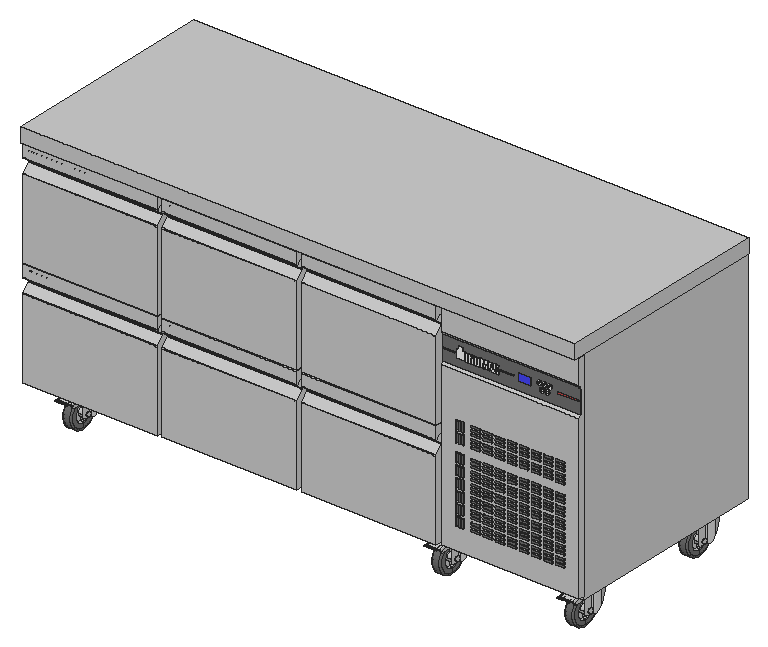
Revit family "QF_INOMAK_PNRP999_250513020157", category Specialty Equipment, Revit 2021 (continued)
Definition of nested family "QF_INOMAK_REF_COUNTERS_DOORS_DRAWERS_25919"
  Definition of nested family "2_Drawers_1-2"
    Forms (mm)
      Extrusion 1, solid, material <- "Finish", visible <- "2 Drawers"
        sketch origin (35, 0, 0) x (0, -1, 0) y (0, 0, 1)
          loop
            line (690, 602) -> (690, 960.365)
            arc (690, 960.365) -> (689.866, 961.037) -> (689.485, 961.607) r 1.757
            line (689.485, 961.607) -> (666.663, 984.429)
            arc (666.663, 984.429) -> (665.976, 985.458) -> (665.734, 986.672) r 3.172
            line (665.734, 986.672) -> (665.734, 1013.576)
            arc (665.734, 1013.576) -> (666.433, 1015.262) -> (668.119, 1015.961) r 2.385
            line (668.119, 1015.961) -> (680.029, 1015.961) -> (686.544, 1006.657)
            arc (686.544, 1006.657) -> (688.671, 1005.935) -> (690, 1007.747) r 1.9
            line (690, 1007.747) -> (690, 1046) -> (648, 1046) -> (648, 602) -> (690, 602)
        from 0 to -1130
      Extrusion 2, solid, visible <- "2 Drawers", detail levels coarse
        sketch origin (0, -640.463, 602) x (0, 1, 0) y (-1, 0, 0)
          loop
            line (-49.537, -35) -> (-624.537, -35) -> (-624.537, -1165) -> (-49.537, -1165) -> (-49.537, -35)
        from 0 to 444
      Extrusion 3, solid, visible <- "2 Drawers", detail levels coarse
        sketch origin (0, -700, 154) x (-1, 0, 0) y (0, 1, 0)
          loop
            line (-35, 10) -> (-1165, 10) -> (-1165, -565) -> (-35, -565) -> (-35, 10)
        from 0 to -444
      Extrusion 4, solid, material <- "Finish", visible <- "2 Drawers"
        sketch origin (35, 0, -441.333) x (0, -1, 0) y (0, 0, 1)
          loop
            line (690, 595.333) -> (690, 953.698)
            arc (690, 953.698) -> (689.866, 954.37) -> (689.485, 954.94) r 1.757
            line (689.485, 954.94) -> (666.663, 977.763)
            arc (666.663, 977.763) -> (665.976, 978.792) -> (665.734, 980.006) r 3.172
            line (665.734, 980.006) -> (665.734, 1006.909)
            arc (665.734, 1006.909) -> (666.433, 1008.596) -> (668.119, 1009.294) r 2.385
            line (668.119, 1009.294) -> (680.029, 1009.294) -> (686.544, 999.991)
            arc (686.544, 999.991) -> (688.671, 999.268) -> (690, 1001.08) r 1.9
            line (690, 1001.08) -> (690, 1039.333) -> (648, 1039.333) -> (648, 595.333) -> (690, 595.333)
        from 0 to -1130
    Lines and regions (mm)
      symbolic lines, visible <- "2 Drawers"
        curve 1: line (35, -940, 900) -> (35, -980, 900)
        curve 2: line (35, -980, 900) -> (1165, -980, 900)
        curve 3: line (1165, -980, 900) -> (1165, -940, 900)
        curve 4: line (1165, -940, 900) -> (35, -940, 900)
        curve 5: line (1135, -940, 900) -> (1135, -700, 900)
        curve 6: line (65, -940, 900) -> (65, -700, 900)
        curve 7: line (35, -1225, 900) -> (35, -1265, 900)
        curve 8: line (35, -1265, 900) -> (1165, -1265, 900)
        curve 9: line (1165, -1265, 900) -> (1165, -1225, 900)
        curve 10: line (1165, -1225, 900) -> (35, -1225, 900)
        curve 11: line (1135, -1225, 900) -> (1135, -980, 900)
        curve 12: line (65, -1225, 900) -> (65, -980, 900)
    Dimensions and locks
      "Length Actual": plane 3 "Left" to plane 4 "Right"
      "Depth Actual": plane 5 "Front" to plane 1 "Back"
      "Height Actual": plane 6 "Top" to plane 8 "Legs top"
      "Front inset": plane 7 "Front legs" to plane 5 "Front"
      "Plinth height": plane 8 "Legs top" to plane 2
      "Rear inset": plane 9 "Backsplash thickness" to plane 1 "Back"
      "Right panel thickness": plane 11 "Right panel" to plane 4 "Right"
      "Left panel thickness": plane 3 "Left" to plane 10 "Left panel"
      "Top inset": plane 6 "Top" to plane 13
      "Bottom inset": plane 16 to plane 8 "Legs top"
      equal spacing: plane 16, plane 12, plane 13
      locked: plane 14 to plane 12 at 2
      locked: plane 15 to plane 12 at 2
      aligned and locked: level to plane 2
      aligned and locked: Extrusion 1 to plane 11 "Right panel"
      aligned and locked: plane 10 "Left panel" to curve 1
      aligned and locked: plane 10 "Left panel" to curve 7
      aligned and locked: Extrusion 2 sketch curve to plane 10 "Left panel"
      aligned and locked: plane 11 "Right panel" to Extrusion 2 sketch curve
      aligned and locked: Extrusion 3 sketch curve to plane 10 "Left panel"
      aligned and locked: plane 11 "Right panel" to Extrusion 3 sketch curve
      aligned and locked: Extrusion 2 to plane 13
      aligned and locked: Extrusion 4 to plane 11 "Right panel"
      aligned and locked: Extrusion 3 to plane 15
      aligned and locked: Extrusion 1 sketch curve to plane 13
      aligned and locked: Extrusion 1 sketch curve to plane 7 "Front legs"
      aligned and locked: plane 14 to Extrusion 1 sketch curve
      aligned and locked: Extrusion 4 sketch curve to plane 15
      aligned and locked: Extrusion 4 sketch curve to plane 7 "Front legs"
      aligned and locked: Extrusion 4 sketch curve to plane 16
    Automatic sketch dimensions
      Extrusion 2 sketch curve to plane 7 "Front legs" = 0 mm
      Extrusion 2 sketch curve to plane 5 "Front" = 565 mm
      Extrusion 3 sketch curve to plane 7 "Front legs" = 0 mm
      Extrusion 3 sketch curve to plane 5 "Front" = 565 mm
      curve 9 to plane 11 "Right panel" = 0 mm
      curve 2 to plane 11 "Right panel" = 0 mm
      curve 5 to plane 5 "Front" = 0 mm
      curve 6 to plane 5 "Front" = 0 mm
      curve 1 to plane 5 "Front" = 240 mm
      curve 3 to curve 3 = 40 mm
      curve 7 to curve 1 = 245 mm
      curve 8 to curve 9 = 40 mm
      plane 11 "Right panel" to curve 5 = 30 mm
      curve 2 to curve 11 = 30 mm
      curve 6 to plane 10 "Left panel" = 30 mm
      curve 12 to plane 10 "Left panel" = 30 mm
      Extrusion 1 sketch curve to Extrusion 1 sketch curve = 17.734 mm
      Extrusion 1 sketch curve to Extrusion 1 sketch curve = 0.929 mm
      Extrusion 1 sketch curve to Extrusion 1 sketch curve = 2.385 mm
      Extrusion 1 sketch curve to Extrusion 1 sketch curve = 3.172 mm
      Extrusion 1 sketch curve to Extrusion 1 sketch curve = 11.91 mm
      Extrusion 1 sketch curve to Extrusion 1 sketch curve = 6.515 mm
      Extrusion 1 sketch curve to Extrusion 1 sketch curve = 1.556 mm
      Extrusion 1 sketch curve to Extrusion 1 sketch curve = 21.58 mm
      Extrusion 1 sketch curve to Extrusion 1 sketch curve = 1.242 mm
      Extrusion 1 sketch curve to Extrusion 1 sketch curve = 1.9 mm
      Extrusion 1 sketch curve to Extrusion 1 sketch curve = 0.515 mm
      Extrusion 1 sketch curve to Extrusion 1 sketch curve = 22.822 mm
      Extrusion 1 sketch curve to Extrusion 1 sketch curve = 19.985 mm
      Extrusion 1 sketch curve to Extrusion 1 sketch curve = 6.919 mm
      Extrusion 1 sketch curve to Extrusion 1 sketch curve = 30.039 mm
      Extrusion 4 sketch curve to plane 7 "Front legs" = 0 mm
      plane 7 "Front legs" to Extrusion 4 sketch curve = 0.515 mm
      plane 7 "Front legs" to Extrusion 4 sketch curve = 1.757 mm
      plane 7 "Front legs" to Extrusion 4 sketch curve = 1.9 mm
      Extrusion 4 sketch curve to Extrusion 4 sketch curve = 1.556 mm
      plane 7 "Front legs" to Extrusion 4 sketch curve = 9.971 mm
      plane 7 "Front legs" to Extrusion 4 sketch curve = 21.094 mm
      Extrusion 4 sketch curve to Extrusion 4 sketch curve = 11.91 mm
      Extrusion 4 sketch curve to Extrusion 4 sketch curve = 2.243 mm
      Extrusion 4 sketch curve to Extrusion 4 sketch curve = 2.385 mm
      Extrusion 4 sketch curve to Extrusion 4 sketch curve = 20.119 mm
      Extrusion 4 sketch curve to Extrusion 4 sketch curve = 22.822 mm
      Extrusion 4 sketch curve to Extrusion 4 sketch curve = 19.985 mm
      Extrusion 4 sketch curve to Extrusion 4 sketch curve = 6.919 mm
      Extrusion 4 sketch curve to Extrusion 4 sketch curve = 30.039 mm
  Definition of nested family "2_Drawers_1-3_2-3"
    Parameters (values of type "2 Drawers 1-3 and 2-3")
      URL = "www.specifiglobal.com"
      Top inset [instance] = 4 mm
      Right panel thickness [instance] = 35 mm
      Rear inset [instance] = 10 mm
      Plinth height [instance] = 150 mm
      Model = ""
      Manufacturer = "DEMO CONSULTANT"
      Length Actual [instance] = 1200 mm
      Left panel thickness [instance] = 35 mm
      Height Actual [instance] = 900 mm
      Front inset [instance] = 10 mm
      Finish = none
      Doors drawers type [instance] = 5
      Description = ""
      Depth Actual [instance] = 700 mm
      Default Elevation = 0 mm
      Bottom inset [instance] = 4 mm
      Assembly Code = "E1090320"
      2 Drawers 1-3 and 2-3 [instance] = Doors drawers type = 5  # yes
    Reference planes
      plane 1 "Back": y = 0
      plane 2: z = 0
      plane 3 "Left": x = 0
      plane 4 "Right": x = 1200
      plane 5 "Front": y = -700
      plane 6 "Top": z = 1050
      plane 7 "Front legs": y = -690
      plane 8 "Legs top": z = 150
      plane 9 "Backsplash thickness": y = -10
      plane 10 "Left panel": x = 35
      plane 11 "Right panel": x = 1165
      plane 12: z = 1046
      plane 13: z = 751.833
      plane 14: z = 746.833
      plane 15: z = 154
      plane 16: z = 450.667
      plane 17: z = 152
      plane 18: z = 1048
      plane 19: z = 749.333
    Forms (mm)
      Extrusion 1, solid, material <- "Finish", visible <- "2 Drawers 1-3 and 2-3"
        sketch origin (35, 0, 0) x (0, -1, 0) y (0, 0, 1)
          loop
            line (690, 751.833) -> (690, 960.365)
            arc (690, 960.365) -> (689.866, 961.037) -> (689.485, 961.607) r 1.757
            line (689.485, 961.607) -> (666.663, 984.429)
            arc (666.663, 984.429) -> (665.976, 985.458) -> (665.734, 986.672) r 3.172
            line (665.734, 986.672) -> (665.734, 1013.576)
            arc (665.734, 1013.576) -> (666.433, 1015.262) -> (668.119, 1015.961) r 2.385
            line (668.119, 1015.961) -> (680.029, 1015.961) -> (686.544, 1006.657)
            arc (686.544, 1006.657) -> (688.671, 1005.935) -> (690, 1007.747) r 1.9
            line (690, 1007.747) -> (690, 1046) -> (648, 1046) -> (648, 751.833) -> (690, 751.833)
        from 0 to -1130
      Extrusion 2, solid, visible <- "2 Drawers 1-3 and 2-3", detail levels coarse
        sketch origin (0, -640.463, 751.833) x (0, 1, 0) y (-1, 0, 0)
          loop
            line (-49.537, -35) -> (-624.537, -35) -> (-624.537, -1165) -> (-49.537, -1165) -> (-49.537, -35)
        from 0 to 294.167
      Extrusion 3, solid, visible <- "2 Drawers 1-3 and 2-3", detail levels coarse
        sketch origin (0, -700, 154) x (-1, 0, 0) y (0, 1, 0)
          loop
            line (-35, 10) -> (-1165, 10) -> (-1165, -565) -> (-35, -565) -> (-35, 10)
        from 0 to -592.833
      Extrusion 4, solid, material <- "Finish", visible <- "2 Drawers 1-3 and 2-3"
        sketch origin (35, 0, -441.333) x (0, -1, 0) y (0, 0, 1)
          loop
            line (690, 595.333) -> (690, 1101.698)
            arc (690, 1101.698) -> (689.866, 1102.37) -> (689.485, 1102.94) r 1.757
            line (689.485, 1102.94) -> (666.663, 1126.596)
            arc (666.663, 1126.596) -> (665.976, 1127.625) -> (665.734, 1128.839) r 3.172
            line (665.734, 1128.839) -> (665.734, 1155.743)
            arc (665.734, 1155.743) -> (666.433, 1157.429) -> (668.119, 1158.128) r 2.385
            line (668.119, 1158.128) -> (680.029, 1158.128) -> (686.544, 1148.824)
            arc (686.544, 1148.824) -> (688.671, 1148.102) -> (690, 1149.914) r 1.9
            line (690, 1149.914) -> (690, 1188.167) -> (648, 1188.167) -> (648, 595.333) -> (690, 595.333)
        from 0 to -1130
    Lines and regions (mm)
      symbolic lines, visible <- "2 Drawers 1-3 and 2-3"
        curve 1: line (35, -1000, 900) -> (35, -1040, 900)
        curve 2: line (35, -1040, 900) -> (1165, -1040, 900)
        curve 3: line (1165, -1040, 900) -> (1165, -1000, 900)
        curve 4: line (1165, -1000, 900) -> (35, -1000, 900)
        curve 5: line (1135, -1000, 900) -> (1135, -700, 900)
        curve 6: line (65, -1000, 900) -> (65, -700, 900)
        curve 7: line (35, -1225, 900) -> (35, -1265, 900)
        curve 8: line (35, -1265, 900) -> (1165, -1265, 900)
        curve 9: line (1165, -1265, 900) -> (1165, -1225, 900)
        curve 10: line (1165, -1225, 900) -> (35, -1225, 900)
        curve 11: line (1135, -1225, 900) -> (1135, -1040, 900)
        curve 12: line (65, -1225, 900) -> (65, -1040, 900)
    Dimensions and locks
      "Length Actual": plane 3 "Left" to plane 4 "Right"
      "Depth Actual": plane 5 "Front" to plane 1 "Back"
      "Height Actual": plane 6 "Top" to plane 8 "Legs top"
      "Front inset": plane 7 "Front legs" to plane 5 "Front"
      "Plinth height": plane 8 "Legs top" to plane 2
      "Rear inset": plane 9 "Backsplash thickness" to plane 1 "Back"
      "Right panel thickness": plane 11 "Right panel" to plane 4 "Right"
      "Left panel thickness": plane 3 "Left" to plane 10 "Left panel"
      "Top inset": plane 6 "Top" to plane 12
      locked: plane 13 to plane 14 at 5
      "Bottom inset": plane 15 to plane 8 "Legs top"
      equal spacing: plane 17, plane 16, plane 19, plane 18
      equal spacing: plane 12, plane 18, plane 6 "Top"
      equal spacing: plane 14, plane 19, plane 13
      equal spacing: plane 15, plane 17, plane 8 "Legs top"
      aligned and locked: level to plane 2
      aligned and locked: Extrusion 1 to plane 11 "Right panel"
      aligned and locked: plane 10 "Left panel" to curve 1
      aligned and locked: plane 10 "Left panel" to curve 7
      aligned and locked: Extrusion 2 sketch curve to plane 10 "Left panel"
      aligned and locked: plane 11 "Right panel" to Extrusion 2 sketch curve
      aligned and locked: Extrusion 3 sketch curve to plane 10 "Left panel"
      aligned and locked: plane 11 "Right panel" to Extrusion 3 sketch curve
      aligned and locked: Extrusion 2 to plane 12
      aligned and locked: Extrusion 4 to plane 11 "Right panel"
      aligned and locked: Extrusion 3 to plane 14
      aligned and locked: plane 13 to Extrusion 1 sketch curve
      aligned and locked: Extrusion 2 to Extrusion 1 sketch curve
      aligned and locked: Extrusion 3 to Extrusion 4 sketch curve
      aligned and locked: Extrusion 4 sketch curve to Extrusion 3  (x2)
      aligned and locked: Extrusion 1 sketch curve to plane 7 "Front legs"
    Automatic sketch dimensions
      Extrusion 2 sketch curve to plane 7 "Front legs" = 0 mm
      Extrusion 2 sketch curve to plane 5 "Front" = 565 mm
      Extrusion 3 sketch curve to plane 7 "Front legs" = 0 mm
      Extrusion 3 sketch curve to plane 5 "Front" = 565 mm
      curve 9 to plane 11 "Right panel" = 0 mm
      curve 2 to plane 11 "Right panel" = 0 mm
      curve 5 to plane 5 "Front" = 0 mm
      curve 6 to plane 5 "Front" = 0 mm
      curve 1 to plane 5 "Front" = 300 mm
      curve 3 to curve 3 = 40 mm
      curve 7 to curve 1 = 185 mm
      curve 8 to curve 9 = 40 mm
      plane 11 "Right panel" to curve 5 = 30 mm
      curve 11 to curve 5 = 0 mm
      curve 6 to plane 10 "Left panel" = 30 mm
      curve 12 to curve 6 = 0 mm
      Extrusion 1 sketch curve to plane 7 "Front legs" = 0 mm
      plane 7 "Front legs" to Extrusion 1 sketch curve = 0.515 mm
      plane 7 "Front legs" to Extrusion 1 sketch curve = 1.757 mm
      plane 7 "Front legs" to Extrusion 1 sketch curve = 1.9 mm
      Extrusion 1 sketch curve to Extrusion 1 sketch curve = 1.556 mm
      plane 7 "Front legs" to Extrusion 1 sketch curve = 9.971 mm
      plane 7 "Front legs" to Extrusion 1 sketch curve = 21.094 mm
      Extrusion 1 sketch curve to Extrusion 1 sketch curve = 11.91 mm
      Extrusion 1 sketch curve to Extrusion 1 sketch curve = 2.243 mm
      Extrusion 1 sketch curve to Extrusion 1 sketch curve = 2.385 mm
      Extrusion 1 sketch curve to Extrusion 1 sketch curve = 20.119 mm
      plane 12 to Extrusion 1 sketch curve = 85.635 mm
      Extrusion 1 sketch curve to Extrusion 1 sketch curve = 22.822 mm
      Extrusion 1 sketch curve to Extrusion 1 sketch curve = 19.985 mm
      Extrusion 1 sketch curve to Extrusion 1 sketch curve = 6.919 mm
      plane 12 to Extrusion 1 sketch curve = 0 mm
      Extrusion 4 sketch curve to plane 7 "Front legs" = 0 mm
      plane 7 "Front legs" to Extrusion 4 sketch curve = 0.515 mm
      plane 7 "Front legs" to Extrusion 4 sketch curve = 1.9 mm
      Extrusion 4 sketch curve to Extrusion 4 sketch curve = 1.556 mm
      plane 7 "Front legs" to Extrusion 4 sketch curve = 9.971 mm
      plane 7 "Front legs" to Extrusion 4 sketch curve = 21.094 mm
      Extrusion 4 sketch curve to Extrusion 4 sketch curve = 11.91 mm
      Extrusion 4 sketch curve to Extrusion 4 sketch curve = 2.243 mm
      Extrusion 4 sketch curve to Extrusion 4 sketch curve = 2.385 mm
      Extrusion 4 sketch curve to Extrusion 4 sketch curve = 20.119 mm
      Extrusion 4 sketch curve to Extrusion 4 sketch curve = 86.469 mm
      Extrusion 4 sketch curve to Extrusion 4 sketch curve = 23.656 mm
      Extrusion 4 sketch curve to Extrusion 4 sketch curve = 19.985 mm
      Extrusion 4 sketch curve to Extrusion 4 sketch curve = 6.919 mm
      plane 7 "Front legs" to Extrusion 4 sketch curve = 1.757 mm
  Definition of nested family "Sliding_Doors"
    Parameters (values of type "Sliding doors")
      URL = "www.specifiglobal.com"
      Top inset [instance] = 4 mm
      Sliding doors [instance] = Doors drawers type = 2  # yes
      Right panel thickness [instance] = 35 mm
      Rear inset [instance] = 10 mm
      Plinth height [instance] = 150 mm
      Model = ""
      Manufacturer = "DEMO CONSULTANT"
      Length Actual [instance] = 1200 mm
      Left panel thickness [instance] = 35 mm
      Height Actual [instance] = 900 mm
      Front inset [instance] = 10 mm
      Finish [instance] = none
      Doors drawers type [instance] = 2
      Description = ""
      Depth Actual [instance] = 700 mm
      Default Elevation = 0 mm
      Bottom inset [instance] = 4 mm
      Assembly Code = "E1090320"
    Reference planes
      plane 1 "Back": y = 0
      plane 2: z = 0
      plane 3 "Left": x = 0
      plane 4 "Right": x = 1200
      plane 5 "Front": y = -700
      plane 6 "Top": z = 1050
      plane 7 "Front legs": y = -690
      plane 8 "Legs top": z = 150
      plane 9 "Backsplash thickness": y = -10
      plane 10: x = 35
      plane 11: x = 1165
      plane 12 "Center Left-Right": x = 600
      plane 13: z = 154
      plane 14: z = 1046
    Forms (mm)
      Extrusion 1, solid, material <- "Finish", visible <- "Sliding doors"
        sketch origin (0, -690, 154) x (-1, 0, 0) y (0, 1, 0)
          loop
            line (-35, 10) -> (-35, 20) -> (-620, 20) -> (-620, 0) -> (-91.156, 0)
            arc (-91.156, 0) -> (-85.272, 0.885) -> (-79.91, 3.461) r 20
            line (-79.91, 3.461) -> (-60, 17) -> (-38, 17) -> (-38, 10)
            arc (-38, 10) -> (-40.05, 5.05) -> (-45, 3) r 7
            line (-45, 3) -> (-50.012, 3) -> (-50.012, 0) -> (-45, 0)
            arc (-45, 0) -> (-37.929, 2.929) -> (-35, 10) r 10
        from 0 to -892
      Extrusion 2, solid, material <- "Finish", visible <- "Sliding doors"
        sketch origin (0, -689, 154) x (-1, 0, 0) y (0, 1, 0)
          loop
            arc (-1065, 30) -> (-1062.071, 22.929) -> (-1055, 20) r 10
            line (-1055, 20) -> (-1049.988, 20) -> (-1049.988, 23) -> (-1055, 23)
            arc (-1055, 23) -> (-1059.95, 25.05) -> (-1062, 30) r 7
            line (-1062, 30) -> (-1062, 37) -> (-1040, 37) -> (-1020.09, 23.461)
            arc (-1020.09, 23.461) -> (-1014.728, 20.885) -> (-1008.844, 20) r 20
            line (-1008.844, 20) -> (-480, 20) -> (-480, 40) -> (-1065, 40) -> (-1065, 30)
        from 0 to -892
    Lines and regions (mm)
      symbolic lines, visible <- "Sliding doors"
        curve 1: line (1065, -649, 150) -> (480, -649, 150)
        curve 2: line (1065, -669, 150) -> (1065, -649, 150)
        curve 3: line (480, -669, 150) -> (1065, -669, 150)
        curve 4: line (480, -649, 150) -> (480, -669, 150)
        curve 5: line (620, -690, 150) -> (35, -690, 150)
        curve 6: line (620, -670, 150) -> (620, -690, 150)
        curve 7: line (35, -670, 150) -> (620, -670, 150)
        curve 8: line (35, -690, 150) -> (35, -670, 150)
    Dimensions and locks
      "Length Actual": plane 3 "Left" to plane 4 "Right"
      "Depth Actual": plane 5 "Front" to plane 1 "Back"
      "Height Actual": plane 6 "Top" to plane 8 "Legs top"
      "Front inset": plane 7 "Front legs" to plane 5 "Front"
      "Plinth height": plane 8 "Legs top" to plane 2
      "Rear inset": plane 9 "Backsplash thickness" to plane 1 "Back"
      "Right panel thickness": plane 11 to plane 4 "Right"
      "Left panel thickness": plane 3 "Left" to plane 10
      equal spacing: plane 10, plane 12 "Center Left-Right", plane 11
      "Top inset": plane 6 "Top" to plane 14
      "Bottom inset": plane 13 to plane 8 "Legs top"
      locked: plane 12 "Center Left-Right" to curve 4 at 120
      locked: plane 12 "Center Left-Right" to curve 5 at 20
      locked: plane 11 to curve 1 at 100
      aligned and locked: level to plane 2
      aligned and locked: Extrusion 1 sketch curve to plane 7 "Front legs"
      aligned and locked: Extrusion 1 sketch curve to plane 10
      aligned and locked: Extrusion 1 to plane 14
      aligned and locked: Extrusion 2 to plane 14
      aligned and locked: curve 8 to plane 10
    Automatic sketch dimensions
      Extrusion 2 sketch curve to Extrusion 2 sketch curve = 0 mm  (x2)
      plane 11 to Extrusion 2 sketch curve = 100 mm
      Extrusion 2 sketch curve to Extrusion 2 sketch curve = 3 mm
      Extrusion 2 sketch curve to Extrusion 2 sketch curve = 7 mm  (x2)
      Extrusion 2 sketch curve to Extrusion 2 sketch curve = 5.012 mm
      plane 7 "Front legs" to Extrusion 2 sketch curve = 38 mm
      Extrusion 2 sketch curve to Extrusion 2 sketch curve = 15 mm
      plane 7 "Front legs" to Extrusion 2 sketch curve = 24.461 mm
      Extrusion 2 sketch curve to Extrusion 2 sketch curve = 19.91 mm
      Extrusion 2 sketch curve to Extrusion 2 sketch curve = 11.246 mm
      Extrusion 2 sketch curve to plane 12 "Center Left-Right" = 120 mm
      Extrusion 2 sketch curve to Extrusion 2 sketch curve = 16.539 mm
      Extrusion 2 sketch curve to Extrusion 2 sketch curve = 20 mm
      Extrusion 1 sketch curve to Extrusion 1 sketch curve = 0 mm  (x2)
      Extrusion 1 sketch curve to plane 7 "Front legs" = 0 mm
      Extrusion 1 sketch curve to plane 10 = 3 mm
      Extrusion 1 sketch curve to Extrusion 1 sketch curve = 7 mm
      Extrusion 1 sketch curve to Extrusion 1 sketch curve = 5.012 mm
      Extrusion 1 sketch curve to Extrusion 1 sketch curve = 15 mm
      plane 7 "Front legs" to Extrusion 1 sketch curve = 3.461 mm
      Extrusion 1 sketch curve to Extrusion 1 sketch curve = 19.91 mm
      Extrusion 1 sketch curve to Extrusion 1 sketch curve = 11.246 mm
      plane 12 "Center Left-Right" to Extrusion 1 sketch curve = 20 mm
      Extrusion 1 sketch curve to Extrusion 1 sketch curve = 20 mm
      Extrusion 1 sketch curve to Extrusion 1 sketch curve = 3 mm
      curve 8 to plane 7 "Front legs" = 0 mm
      curve 5 to curve 6 = 20 mm
      plane 7 "Front legs" to curve 2 = 21 mm
      curve 2 to curve 2 = 20 mm
  Definition of nested family "4_Drawers_1-4"
    Parameters (values of type "4 Drawers 1-4")
      URL = "www.specifiglobal.com"
      Top inset [instance] = 4 mm
      Right panel thickness [instance] = 35 mm
      Rear inset [instance] = 10 mm
      Plinth height [instance] = 150 mm
      Model = ""
      Manufacturer = "DEMO CONSULTANT"
      Length Actual [instance] = 1200 mm
      Left panel thickness [instance] = 35 mm
      Height Actual [instance] = 900 mm
      Front inset [instance] = 10 mm
      Finish [instance] = none
      Doors drawers type [instance] = 7
      Description = ""
      Depth Actual [instance] = 700 mm
      Default Elevation = 0 mm
      Bottom inset [instance] = 4 mm
      Assembly Code = "E1090320"
      4 Drawers [instance] = Doors drawers type = 7  # yes
    Reference planes
      plane 1 "Back": y = 0
      plane 2: z = 0
      plane 3 "Left": x = 0
      plane 4 "Right": x = 1200
      plane 5 "Front": y = -700
      plane 6 "Top": z = 1050
      plane 7 "Front legs": y = -690
      plane 8 "Legs top": z = 150
      plane 9 "Backsplash thickness": y = -10
      plane 10 "Left panel": x = 35
      plane 11 "Right panel": x = 1165
      plane 12: z = 824.25
      plane 13: z = 1046
      plane 14: z = 826.083
      plane 15: z = 822.417
      plane 16: z = 1048.5
      plane 17: z = 375.75
      plane 18: z = 377.917
      plane 19: z = 373.583
      plane 20: z = 154
      plane 21: z = 151.5
      plane 22: z = 600
      plane 23: z = 601.833
      plane 24: z = 598.167
    Forms (mm)
      Extrusion 1, solid, material <- "Finish", visible <- "4 Drawers"
        sketch origin (35, 0, -1) x (0, -1, 0) y (0, 0, 1)
          loop
            line (680, 1047) -> (670, 1047) -> (670, 827.083) -> (690, 827.083) -> (690, 990.844)
            arc (690, 990.844) -> (689.115, 996.728) -> (686.539, 1002.09) r 20
            line (686.539, 1002.09) -> (673, 1022) -> (673, 1044) -> (680, 1044)
            arc (680, 1044) -> (684.95, 1041.95) -> (687, 1037) r 7
            line (687, 1037) -> (687, 1031.988) -> (690, 1031.988) -> (690, 1037)
            arc (690, 1037) -> (687.071, 1044.071) -> (680, 1047) r 10
        from 0 to -1130
      Extrusion 2, solid, visible <- "4 Drawers", detail levels coarse
        sketch origin (0, -640.463, 826.083) x (0, 1, 0) y (-1, 0, 0)
          loop
            line (-49.537, -35) -> (-624.537, -35) -> (-624.537, -1165) -> (-49.537, -1165) -> (-49.537, -35)
        from 0 to 219.917
      Extrusion 3, solid, visible <- "4 Drawers", detail levels coarse
        sketch origin (0, -700, 154) x (-1, 0, 0) y (0, 1, 0)
          loop
            line (-35, 10) -> (-1165, 10) -> (-1165, -565) -> (-35, -565) -> (-35, 10)
        from 0 to -219.583
      Extrusion 4, solid, material <- "Finish", visible <- "4 Drawers"
        sketch origin (35, 0, -440.333) x (0, -1, 0) y (0, 0, 1)
          loop
            line (680, 813.917) -> (670, 813.917) -> (670, 594.333) -> (690, 594.333) -> (690, 757.761)
            arc (690, 757.761) -> (689.115, 763.644) -> (686.539, 769.007) r 20
            line (686.539, 769.007) -> (673, 788.917) -> (673, 810.917) -> (680, 810.917)
            arc (680, 810.917) -> (684.95, 808.866) -> (687, 803.917) r 7
            line (687, 803.917) -> (687, 798.904) -> (690, 798.904) -> (690, 803.917)
            arc (690, 803.917) -> (687.071, 810.988) -> (680, 813.917) r 10
        from 0 to -1130
      Extrusion 5, solid, material <- "Finish", visible <- "4 Drawers"
        sketch origin (35, 0, -165.333) x (0, -1, 0) y (0, 0, 1)
          loop
            line (680, 987.75) -> (670, 987.75) -> (670, 767.167) -> (690, 767.167) -> (690, 931.594)
            arc (690, 931.594) -> (689.115, 937.478) -> (686.539, 942.84) r 20
            line (686.539, 942.84) -> (673, 962.75) -> (673, 984.75) -> (680, 984.75)
            arc (680, 984.75) -> (684.95, 982.7) -> (687, 977.75) r 7
            line (687, 977.75) -> (687, 972.738) -> (690, 972.738) -> (690, 977.75)
            arc (690, 977.75) -> (687.071, 984.821) -> (680, 987.75) r 10
        from 0 to -1130
      Extrusion 6, solid, material <- "Finish", visible <- "4 Drawers"
        sketch origin (35, 0, -330.333) x (0, -1, 0) y (0, 0, 1)
          loop
            line (680, 928.5) -> (670, 928.5) -> (670, 708.25) -> (690, 708.25) -> (690, 872.344)
            arc (690, 872.344) -> (689.115, 878.228) -> (686.539, 883.59) r 20
            line (686.539, 883.59) -> (673, 903.5) -> (673, 925.5) -> (680, 925.5)
            arc (680, 925.5) -> (684.95, 923.45) -> (687, 918.5) r 7
            line (687, 918.5) -> (687, 913.488) -> (690, 913.488) -> (690, 918.5)
            arc (690, 918.5) -> (687.071, 925.571) -> (680, 928.5) r 10
        from 0 to -1130
      Extrusion 7, solid, visible <- "4 Drawers", detail levels coarse
        sketch origin (0, -500.463, 601.833) x (0, 1, 0) y (-1, 0, 0)
          loop
            line (-189.537, -35) -> (-764.537, -35) -> (-764.537, -1165) -> (-189.537, -1165) -> (-189.537, -35)
        from 0 to 220.583
      Extrusion 8, solid, visible <- "4 Drawers", detail levels coarse
        sketch origin (0, -540.463, 377.917) x (0, 1, 0) y (-1, 0, 0)
          loop
            line (-149.537, -35) -> (-724.537, -35) -> (-724.537, -1165) -> (-149.537, -1165) -> (-149.537, -35)
        from 0 to 220.25
    Lines and regions (mm)
      symbolic lines, visible <- "4 Drawers"
        curve 1: line (35, -945, 900) -> (35, -985, 900)
        curve 2: line (35, -985, 900) -> (1165, -985, 900)
        curve 3: line (1165, -985, 900) -> (1165, -945, 900)
        curve 4: line (1165, -945, 900) -> (35, -945, 900)
        curve 5: line (1135, -945, 900) -> (1135, -845, 900)
        curve 6: line (65, -945, 900) -> (65, -845, 900)
        curve 7: line (35, -1085, 900) -> (35, -1125, 900)
        curve 8: line (35, -1125, 900) -> (1165, -1125, 900)
        curve 9: line (1165, -1125, 900) -> (1165, -1085, 900)
        curve 10: line (1165, -1085, 900) -> (35, -1085, 900)
        curve 11: line (1135, -1085, 900) -> (1135, -985, 900)
        curve 12: line (65, -1085, 900) -> (65, -985, 900)
        curve 13: line (35, -1225, 900) -> (35, -1265, 900)
        curve 14: line (35, -1265, 900) -> (1165, -1265, 900)
        curve 15: line (1165, -1265, 900) -> (1165, -1225, 900)
        curve 16: line (1165, -1225, 900) -> (35, -1225, 900)
        curve 17: line (1135, -1225, 900) -> (1135, -1125, 900)
        curve 18: line (65, -1225, 900) -> (65, -1125, 900)
        curve 19: line (35, -805, 900) -> (35, -845, 900)
        curve 20: line (35, -845, 900) -> (1165, -845, 900)
        curve 21: line (1165, -845, 900) -> (1165, -805, 900)
        curve 22: line (1165, -805, 900) -> (35, -805, 900)
        curve 23: line (65, -805, 900) -> (65, -700, 900)
        curve 24: line (1135, -805, 900) -> (1135, -700, 900)
    Dimensions and locks
      "Length Actual": plane 3 "Left" to plane 4 "Right"
      "Depth Actual": plane 5 "Front" to plane 1 "Back"
      "Height Actual": plane 6 "Top" to plane 8 "Legs top"
      "Front inset": plane 7 "Front legs" to plane 5 "Front"
      "Plinth height": plane 8 "Legs top" to plane 2
      "Rear inset": plane 9 "Backsplash thickness" to plane 1 "Back"
      "Right panel thickness": plane 11 "Right panel" to plane 4 "Right"
      "Left panel thickness": plane 3 "Left" to plane 10 "Left panel"
      locked: plane 14 to plane 15 at 3.667
      equal spacing: plane 14, plane 12, plane 15
      locked: plane 23 to plane 24 at 3.667
      equal spacing: plane 23, plane 22, plane 24
      "Bottom inset": plane 20 to plane 8 "Legs top"
      equal spacing: plane 19, plane 17, plane 18
      locked: plane 19 to plane 18 at 4.333
      equal spacing: plane 21, plane 17, plane 22, plane 12, plane 16
      locked: plane 13 to plane 16 at 2.5
      "Top inset": plane 13 to plane 6 "Top"
      locked: plane 21 to plane 20 at 2.5
      aligned and locked: level to plane 2
      aligned and locked: plane 7 "Front legs" to Extrusion 1 sketch curve  (x2)
      aligned and locked: Extrusion 1 to plane 11 "Right panel"
      aligned and locked: Extrusion 1 sketch curve to plane 13
      aligned and locked: Extrusion 1 sketch curve to plane 14
      aligned and locked: plane 10 "Left panel" to curve 1
      aligned and locked: plane 10 "Left panel" to curve 7
      aligned and locked: plane 10 "Left panel" to curve 13
      aligned and locked: Extrusion 2 sketch curve to plane 10 "Left panel"
      aligned and locked: plane 11 "Right panel" to Extrusion 2 sketch curve
      aligned and locked: Extrusion 3 sketch curve to plane 10 "Left panel"
      aligned and locked: plane 11 "Right panel" to Extrusion 3 sketch curve
      aligned and locked: Extrusion 2 to plane 13
      aligned and locked: Extrusion 3 to plane 19
      aligned and locked: plane 20 to Extrusion 4 sketch curve
      aligned and locked: Extrusion 4 to plane 11 "Right panel"
      aligned and locked: Extrusion 5 sketch curve to plane 15
      aligned and locked: plane 7 "Front legs" to Extrusion 5 sketch curve
      aligned and locked: Extrusion 5 sketch curve to plane 23
      aligned and locked: Extrusion 6 sketch curve to plane 24
      aligned and locked: plane 7 "Front legs" to Extrusion 6 sketch curve
      aligned and locked: Extrusion 6 sketch curve to plane 18
      aligned and locked: Extrusion 7 to plane 15
      aligned and locked: Extrusion 8 to plane 24
      aligned and locked: Extrusion 5 to plane 11 "Right panel"
      aligned and locked: Extrusion 6 to plane 11 "Right panel"
    Automatic sketch dimensions
      Extrusion 1 sketch curve to Extrusion 1 sketch curve = 0 mm  (x2)
      plane 7 "Front legs" to Extrusion 1 sketch curve = 3 mm
      plane 7 "Front legs" to Extrusion 1 sketch curve = 3.461 mm
      plane 7 "Front legs" to Extrusion 1 sketch curve = 10 mm
      Extrusion 1 sketch curve to Extrusion 1 sketch curve = 7 mm
      plane 7 "Front legs" to Extrusion 1 sketch curve = 20 mm  (x2)
      Extrusion 1 sketch curve to Extrusion 1 sketch curve = 46.156 mm
      Extrusion 1 sketch curve to Extrusion 1 sketch curve = 15 mm
      Extrusion 1 sketch curve to Extrusion 1 sketch curve = 5.012 mm
      Extrusion 2 sketch curve to plane 7 "Front legs" = 0 mm
      Extrusion 2 sketch curve to plane 5 "Front" = 565 mm
      Extrusion 3 sketch curve to plane 7 "Front legs" = 0 mm
      Extrusion 3 sketch curve to plane 5 "Front" = 565 mm
      Extrusion 5 sketch curve to Extrusion 5 sketch curve = 0 mm  (x2)
      Extrusion 5 sketch curve to plane 7 "Front legs" = 0 mm
      plane 7 "Front legs" to Extrusion 5 sketch curve = 3 mm
      plane 7 "Front legs" to Extrusion 5 sketch curve = 3.461 mm
      plane 7 "Front legs" to Extrusion 5 sketch curve = 10 mm
      Extrusion 5 sketch curve to Extrusion 5 sketch curve = 7 mm
      plane 7 "Front legs" to Extrusion 5 sketch curve = 20 mm  (x2)
      Extrusion 5 sketch curve to Extrusion 5 sketch curve = 46.156 mm
      Extrusion 5 sketch curve to Extrusion 5 sketch curve = 15 mm
      Extrusion 5 sketch curve to Extrusion 5 sketch curve = 5.012 mm
      Extrusion 6 sketch curve to Extrusion 6 sketch curve = 0 mm  (x2)
      Extrusion 6 sketch curve to plane 7 "Front legs" = 0 mm
      plane 7 "Front legs" to Extrusion 6 sketch curve = 3 mm
      plane 7 "Front legs" to Extrusion 6 sketch curve = 3.461 mm
      plane 7 "Front legs" to Extrusion 6 sketch curve = 10 mm
      Extrusion 6 sketch curve to Extrusion 6 sketch curve = 7 mm
      plane 7 "Front legs" to Extrusion 6 sketch curve = 20 mm  (x2)
      Extrusion 6 sketch curve to Extrusion 6 sketch curve = 46.156 mm
      Extrusion 6 sketch curve to Extrusion 6 sketch curve = 15 mm
      Extrusion 6 sketch curve to Extrusion 6 sketch curve = 5.012 mm
      curve 14 to plane 11 "Right panel" = 0 mm
      curve 8 to plane 11 "Right panel" = 0 mm
      curve 2 to plane 11 "Right panel" = 0 mm
      curve 21 to plane 11 "Right panel" = 0 mm
      curve 20 to plane 10 "Left panel" = 0 mm
      curve 23 to plane 5 "Front" = 0 mm
      curve 24 to plane 5 "Front" = 0 mm
      curve 21 to plane 5 "Front" = 105 mm
      curve 20 to curve 21 = 40 mm
      curve 3 to curve 20 = 100 mm
      curve 3 to curve 3 = 40 mm
      curve 10 to curve 1 = 100 mm
      curve 9 to curve 9 = 40 mm
      curve 15 to curve 8 = 100 mm
      curve 15 to curve 15 = 40 mm
      plane 11 "Right panel" to curve 24 = 30 mm
      curve 8 to curve 17 = 30 mm
      curve 11 to curve 17 = 0 mm
      curve 23 to plane 10 "Left panel" = 30 mm
      curve 12 to curve 6 = 0 mm
      curve 18 to curve 12 = 0 mm
      Extrusion 4 sketch curve to Extrusion 4 sketch curve = 0 mm  (x2)
      plane 19 to Extrusion 4 sketch curve = 0 mm
      Extrusion 4 sketch curve to plane 7 "Front legs" = 0 mm  (x2)
      plane 7 "Front legs" to Extrusion 4 sketch curve = 3 mm
      plane 7 "Front legs" to Extrusion 4 sketch curve = 3.461 mm
      plane 7 "Front legs" to Extrusion 4 sketch curve = 10 mm
      Extrusion 4 sketch curve to Extrusion 4 sketch curve = 7 mm
      plane 7 "Front legs" to Extrusion 4 sketch curve = 20 mm  (x2)
      Extrusion 4 sketch curve to Extrusion 4 sketch curve = 46.156 mm
      Extrusion 4 sketch curve to Extrusion 4 sketch curve = 15 mm
      Extrusion 4 sketch curve to Extrusion 4 sketch curve = 5.012 mm
      Extrusion 7 sketch curve to plane 10 "Left panel" = 0 mm
      Extrusion 7 sketch curve to plane 11 "Right panel" = 0 mm
      Extrusion 7 sketch curve to plane 7 "Front legs" = 0 mm
      Extrusion 7 sketch curve to plane 5 "Front" = 565 mm
      Extrusion 8 sketch curve to plane 10 "Left panel" = 0 mm
      Extrusion 8 sketch curve to plane 11 "Right panel" = 0 mm
      Extrusion 8 sketch curve to plane 7 "Front legs" = 0 mm
      Extrusion 8 sketch curve to plane 5 "Front" = 565 mm
      curve 6 to plane 10 "Left panel" = 30 mm
      curve 5 to curve 24 = 0 mm
  Definition of nested family "Hinged_Doors"
    Parameters (values of type "Hinged doors")
      URL = "www.specifiglobal.com"
      Top inset [instance] = 4 mm
      Right panel thickness [instance] = 35 mm
      Rear inset [instance] = 10 mm
      Plinth height [instance] = 150 mm
      Model = ""
      Manufacturer = "DEMO CONSULTANT"
      Length Actual [instance] = 1200 mm
      Left panel thickness [instance] = 35 mm
      Hinged doors [instance] = Doors drawers type = 3  # yes
      Height Actual [instance] = 900 mm
      Front inset [instance] = 10 mm
      Finish [instance] = none
      Doors drawers type [instance] = 3
      Description = ""
      Depth Actual [instance] = 700 mm
      Default Elevation = 0 mm
      Bottom inset [instance] = 4 mm
      Assembly Code = "E1090320"
    Reference planes
      plane 1 "Back": y = 0
      plane 2: z = 0
      plane 3 "Left": x = 0
      plane 4 "Right": x = 1200
      plane 5 "Front": y = -700
      plane 6 "Top": z = 1050
      plane 7 "Front legs": y = -690
      plane 8 "Legs top": z = 150
      plane 9 "Backsplash thickness": y = -10
      plane 10: x = 35
      plane 11: x = 1165
      plane 12 "Center Left-Right": x = 600
      plane 13: x = 597.5
      plane 14: x = 602.5
      plane 15: z = 154
      plane 16: z = 1046
    Forms (mm)
      Extrusion 1, solid, material <- "Finish", visible <- "Hinged doors"
        sketch origin (35, -2307.849, 4000) x (0, -1, 0) y (0, 0, 1)
          loop
            line (-1627.849, -2954) -> (-1637.849, -2954) -> (-1637.849, -3846) -> (-1617.849, -3846) -> (-1617.849, -3010.156)
            arc (-1617.849, -3010.156) -> (-1618.734, -3004.272) -> (-1621.31, -2998.91) r 20
            line (-1621.31, -2998.91) -> (-1634.849, -2979) -> (-1634.849, -2957) -> (-1627.849, -2957)
            arc (-1627.849, -2957) -> (-1622.899, -2959.05) -> (-1620.849, -2964) r 7
            line (-1620.849, -2964) -> (-1620.849, -2969.012) -> (-1617.849, -2969.012) -> (-1617.849, -2964)
            arc (-1617.849, -2964) -> (-1620.778, -2956.929) -> (-1627.849, -2954) r 10
        from 0 to -562.5
      Extrusion 2, solid, visible <- "Hinged doors", detail levels coarse
        sketch origin (0, -700, 154) x (-1, 0, 0) y (0, 1, 0)
          loop
            line (-35, 10) -> (-597.5, 10)
            arc (-597.5, 10) -> (-432.748, -387.748) -> (-35, -552.5) r 562.5
            line (-35, -552.5) -> (-35, 10)
        from 0 to -892
      Extrusion 3, solid, material <- "Finish", visible <- "Hinged doors"
        sketch origin (1165, -2312.576, 4000) x (0, -1, 0) y (0, 0, 1)
          loop
            line (-1632.576, -2954) -> (-1642.576, -2954) -> (-1642.576, -3846) -> (-1622.576, -3846) -> (-1622.576, -3010.156)
            arc (-1622.576, -3010.156) -> (-1623.46, -3004.272) -> (-1626.037, -2998.91) r 20
            line (-1626.037, -2998.91) -> (-1639.576, -2979) -> (-1639.576, -2957) -> (-1632.576, -2957)
            arc (-1632.576, -2957) -> (-1627.626, -2959.05) -> (-1625.576, -2964) r 7
            line (-1625.576, -2964) -> (-1625.576, -2969.012) -> (-1622.576, -2969.012) -> (-1622.576, -2964)
            arc (-1622.576, -2964) -> (-1625.504, -2956.929) -> (-1632.576, -2954) r 10
        from 0 to 562.5
      Extrusion 4, solid, visible <- "Hinged doors", detail levels coarse
        sketch origin (0, -700, 154) x (-1, 0, 0) y (0, 1, 0)
          loop
            line (-1165, 10) -> (-1165, -552.5)
            arc (-1165, -552.5) -> (-767.252, -387.748) -> (-602.5, 10) r 562.5
            line (-602.5, 10) -> (-1165, 10)
        from 0 to -892
    Lines and regions (mm)
      symbolic lines, visible <- "Hinged doors"
        curve 1: line (35, -700, 150) -> (35, -1252.5, 150)
        curve 2: arc (35, -1252.5, 150) -> (429.196, -1091.268, 150) -> (597.411, -700, 150) r 562.5
        curve 3: arc (602.589, -700, 150) -> (770.804, -1091.268, 150) -> (1165, -1252.5, 150) r 562.5
        curve 4: line (1165, -1252.5, 150) -> (1165, -700, 150)
    Dimensions and locks
      "Length Actual": plane 3 "Left" to plane 4 "Right"
      "Depth Actual": plane 5 "Front" to plane 1 "Back"
      "Height Actual": plane 6 "Top" to plane 8 "Legs top"
      "Front inset": plane 7 "Front legs" to plane 5 "Front"
      "Plinth height": plane 8 "Legs top" to plane 2
      "Rear inset": plane 9 "Backsplash thickness" to plane 1 "Back"
      "Right panel thickness": plane 11 to plane 4 "Right"
      "Left panel thickness": plane 3 "Left" to plane 10
      equal spacing: plane 10, plane 12 "Center Left-Right", plane 11
      plane 13 to plane 12 "Center Left-Right" = 2.5 mm
      plane 12 "Center Left-Right" to plane 14 = 2.5 mm
      "Bottom inset": plane 15 to plane 8 "Legs top"
      "Top inset": plane 16 to plane 6 "Top"
      aligned and locked: level to plane 2
      aligned and locked: Extrusion 1 to plane 13
      aligned and locked: plane 10 to Extrusion 2 sketch curve
      aligned and locked: plane 13 to Extrusion 2 sketch curve
      aligned and locked: plane 7 "Front legs" to Extrusion 2 sketch curve  (x2)
      aligned and locked: plane 14 to Extrusion 3
      aligned and locked: Extrusion 2 to curve 1
      aligned and locked: curve 2 to Extrusion 2
      aligned and locked: curve 3 to Extrusion 4
      aligned and locked: curve 4 to Extrusion 4
      aligned and locked: plane 5 "Front" to curve 1
      aligned and locked: plane 5 "Front" to curve 2
      aligned and locked: plane 5 "Front" to curve 3
      aligned and locked: plane 5 "Front" to curve 4
      aligned and locked: Extrusion 4 to plane 16
      aligned and locked: Extrusion 2 to plane 16
      aligned and locked: Extrusion 1 sketch curve to plane 16
      aligned and locked: Extrusion 1 sketch curve to plane 15
      aligned and locked: Extrusion 3 sketch curve to plane 15
      aligned and locked: Extrusion 3 sketch curve to plane 16
    Automatic sketch dimensions
      Extrusion 1 sketch curve to Extrusion 1 sketch curve = 0 mm  (x2)
      Extrusion 1 sketch curve to plane 7 "Front legs" = 0 mm  (x2)
      plane 7 "Front legs" to Extrusion 1 sketch curve = 3 mm
      plane 7 "Front legs" to Extrusion 1 sketch curve = 3.461 mm
      plane 7 "Front legs" to Extrusion 1 sketch curve = 10 mm
      Extrusion 1 sketch curve to Extrusion 1 sketch curve = 7 mm
      plane 7 "Front legs" to Extrusion 1 sketch curve = 20 mm  (x2)
      Extrusion 1 sketch curve to Extrusion 1 sketch curve = 46.156 mm
      Extrusion 1 sketch curve to Extrusion 1 sketch curve = 15 mm
      Extrusion 1 sketch curve to Extrusion 1 sketch curve = 5.012 mm
      Extrusion 3 sketch curve to Extrusion 3 sketch curve = 0 mm  (x2)
      Extrusion 3 sketch curve to plane 7 "Front legs" = 0 mm  (x2)
      Extrusion 3 sketch curve to Extrusion 3 sketch curve = 3 mm
      plane 7 "Front legs" to Extrusion 3 sketch curve = 3.461 mm
      plane 7 "Front legs" to Extrusion 3 sketch curve = 10 mm
      Extrusion 3 sketch curve to Extrusion 3 sketch curve = 7 mm
      Extrusion 3 sketch curve to Extrusion 3 sketch curve = 16.539 mm
      Extrusion 3 sketch curve to Extrusion 3 sketch curve = 20 mm
      Extrusion 3 sketch curve to Extrusion 3 sketch curve = 46.156 mm
      Extrusion 3 sketch curve to Extrusion 3 sketch curve = 15 mm
      Extrusion 3 sketch curve to Extrusion 3 sketch curve = 5.012 mm
      Extrusion 4 sketch curve to plane 11 = 0 mm
      Extrusion 4 sketch curve to plane 7 "Front legs" = 0 mm
      Extrusion 4 sketch curve to plane 14 = 0 mm
  Definition of nested family "Hopper"
    Parameters (values of type "Hopper")
      URL = "www.specifiglobal.com"
      Top inset [instance] = 4 mm
      Right panel thickness [instance] = 35 mm
      Rear inset [instance] = 10 mm
      Plinth height [instance] = 150 mm
      Model = ""
      Manufacturer = "DEMO CONSULTANT"
      Length Actual [instance] = 700 mm
      Left panel thickness [instance] = 35 mm
      Hopper [instance] = Doors drawers type = 10  # yes
      Height Actual [instance] = 900 mm
      Front inset [instance] = 10 mm
      Finish [instance] = none
      Doors drawers type [instance] = 10
      Description = ""
      Depth Actual [instance] = 700 mm
      Default Elevation = 0 mm
      Bottom inset [instance] = 4 mm
      Assembly Code = "E1090320"
      2 Drawers = yes
    Reference planes
      plane 1 "Back": y = 0
      plane 2: z = 0
      plane 3 "Left": x = 0
      plane 4 "Right": x = 700
      plane 5 "Front": y = -700
      plane 6 "Top": z = 1050
      plane 7 "Front legs": y = -690
      plane 8 "Legs top": z = 150
      plane 9 "Backsplash thickness": y = -10
      plane 10 "Left panel": x = 35
      plane 11 "Right panel": x = 665
      plane 12: z = 1046
      plane 13: z = 154
    Forms (mm)
      Extrusion 1, solid, material <- "Finish", visible <- "Hopper"
        sketch origin (35, 0, 0) x (0, -1, 0) y (0, 0, 1)
          loop
            line (690, 154) -> (690, 960.365)
            arc (690, 960.365) -> (689.866, 961.037) -> (689.485, 961.607) r 1.757
            line (689.485, 961.607) -> (666.663, 984.429)
            arc (666.663, 984.429) -> (665.976, 985.458) -> (665.734, 986.672) r 3.172
            line (665.734, 986.672) -> (665.734, 1013.576)
            arc (665.734, 1013.576) -> (666.433, 1015.262) -> (668.119, 1015.961) r 2.385
            line (668.119, 1015.961) -> (680.029, 1015.961) -> (686.544, 1006.657)
            arc (686.544, 1006.657) -> (688.671, 1005.935) -> (690, 1007.747) r 1.9
            line (690, 1007.747) -> (690, 1046) -> (648, 1046) -> (648, 154) -> (690, 154)
        from 0 to -630
      Extrusion 2, solid, visible <- "Hopper", detail levels coarse
        sketch origin (35, 0, 0) x (0, -1, 0) y (0, 0, 1)
          loop
            line (690, 154) -> (1265, 154) -> (1265, 1046) -> (690, 1046) -> (690, 154)
        from 0 to -630
    Lines and regions (mm)
      symbolic lines, visible <- "Hopper"
        curve 1: line (35, -1225, 900) -> (35, -1265, 900)
        curve 2: line (35, -1265, 900) -> (665, -1265, 900)
        curve 3: line (665, -1265, 900) -> (665, -1225, 900)
        curve 4: line (665, -1225, 900) -> (35, -1225, 900)
        curve 5: line (635, -1225, 900) -> (635, -700, 900)
        curve 6: line (65, -1225, 900) -> (65, -700, 900)
    Dimensions and locks
      "Length Actual": plane 3 "Left" to plane 4 "Right"
      "Depth Actual": plane 5 "Front" to plane 1 "Back"
      "Height Actual": plane 6 "Top" to plane 8 "Legs top"
      "Front inset": plane 7 "Front legs" to plane 5 "Front"
      "Plinth height": plane 8 "Legs top" to plane 2
      "Rear inset": plane 9 "Backsplash thickness" to plane 1 "Back"
      "Right panel thickness": plane 11 "Right panel" to plane 4 "Right"
      "Left panel thickness": plane 3 "Left" to plane 10 "Left panel"
      "Top inset": plane 12 to plane 6 "Top"
      "Bottom inset": plane 13 to plane 8 "Legs top"
      aligned and locked: level to plane 2
      aligned and locked: Extrusion 1 to plane 11 "Right panel"
      aligned and locked: Extrusion 2 to plane 11 "Right panel"
      aligned and locked: plane 10 "Left panel" to Extrusion 2
      aligned and locked: Extrusion 1 sketch curve to plane 12
      aligned and locked: Extrusion 1 sketch curve to Extrusion 2
      aligned and locked: Extrusion 1 sketch curve to plane 13
    Automatic sketch dimensions
      Extrusion 1 sketch curve to Extrusion 1 sketch curve = 17.734 mm
      Extrusion 1 sketch curve to Extrusion 1 sketch curve = 0.929 mm
      Extrusion 1 sketch curve to Extrusion 1 sketch curve = 2.385 mm
      Extrusion 1 sketch curve to Extrusion 1 sketch curve = 3.172 mm
      Extrusion 1 sketch curve to Extrusion 1 sketch curve = 11.91 mm
      Extrusion 1 sketch curve to Extrusion 1 sketch curve = 6.515 mm
      Extrusion 1 sketch curve to Extrusion 1 sketch curve = 1.556 mm
      Extrusion 1 sketch curve to Extrusion 1 sketch curve = 21.58 mm
      Extrusion 1 sketch curve to Extrusion 1 sketch curve = 1.242 mm
      Extrusion 1 sketch curve to Extrusion 1 sketch curve = 1.9 mm
      Extrusion 1 sketch curve to Extrusion 1 sketch curve = 0.515 mm
      Extrusion 1 sketch curve to Extrusion 1 sketch curve = 22.822 mm
      Extrusion 1 sketch curve to Extrusion 1 sketch curve = 19.985 mm
      Extrusion 1 sketch curve to Extrusion 1 sketch curve = 6.919 mm
      Extrusion 1 sketch curve to Extrusion 1 sketch curve = 30.039 mm
      Extrusion 2 sketch curve to plane 7 "Front legs" = 0 mm
      plane 13 to Extrusion 2 sketch curve = 0 mm
      plane 12 to Extrusion 2 sketch curve = 0 mm
      Extrusion 2 sketch curve to plane 5 "Front" = 565 mm
      curve 1 to plane 10 "Left panel" = 0 mm
      curve 2 to plane 11 "Right panel" = 0 mm
      curve 6 to plane 5 "Front" = 0 mm
      curve 5 to plane 5 "Front" = 0 mm
      curve 4 to plane 5 "Front" = 525 mm
      curve 3 to curve 3 = 40 mm
      plane 11 "Right panel" to curve 5 = 30 mm
      curve 6 to plane 10 "Left panel" = 30 mm
Definition of nested family "QF_INOMAK_REF_COUNTERS_WORKTOPS_35390"
  Parameters (values of type "WTWA-1545-700")
    Worktop without backsplash [instance] = Worktop type = 3  # no
    Worktop with backsplash [instance] = Worktop type = 2  # yes
    Worktop type [instance] = 2
    Worktop thickness [instance] = 46 mm
    Without worktop [instance] = or(Worktop type > 3, Worktop type < 2)  # no
    Weight [instance] = 0.00 kg
    Warranty Start Date [instance] = ""
    Warranty Duration [instance] = ""
    URL Cutsheet [instance] = ""
    URL = "www.inomak.com"
    Technical Documentation [instance] = ""
    Tag Number [instance] = ""
    Status [instance] = ""
    Specification by User [instance] = ""
    Specification by Manufacturer [instance] = ""
    Sound Level [instance] = ""
    Solid Fuel Type [instance] = ""
    Show Logo [instance] = yes
    Show Clearances [instance] = yes
    Service Life Duration [instance] = ""
    Serial Number [instance] = ""
    Seismic Rating [instance] = ""
    SMACNA No [instance] = ""
    Revision Code [instance] = ""
    Revision [instance] = ""
    Production Year [instance] = ""
    Point Load [instance] = 0
    Other Equipment Approvals [instance] = ""
    NAFEM Spec ID Number [instance] = ""
    Model Warning [instance] = ""
    Model = "WTWA"
    Masterspec [instance] = ""
    Manufacturer = "INOMAK"
    Length Actual [instance] = 1546 mm
    Item Number [instance] = ""
    Installed By [instance] = ""
    Installation Date [instance] = ""
    Identify Quantity as Lot [instance] = yes
    ID [instance] = ""
    Hygiene Approval [instance] = ""
    Height Actual [instance] = 0 mm
    Height AFF [instance] = 0 mm
    Furnished By [instance] = ""
    Foodservice Equipment Identifier [instance] = yes
    Finish [instance] = none
    ETL Approved [instance] = yes
    Description = "WORKTOP WITH UPSTAND"
    Depth Actual [instance] = 700 mm
    Default Elevation = 0 mm
    CSI MasterFormat [instance] = ""
    CE Approved [instance] = yes
    Barcode [instance] = ""
    Backsplash thickness [instance] = 20 mm
    Backsplash height [instance] = 60 mm
    Author [instance] = ""
    Asset Identifier [instance] = ""
    Assembly Code = "E1090320"
    Accessory [instance] = yes
  Types (40, lengths in mm): name | Worktop without backsplash | Worktop with backsplash | Worktop type | Worktop thickness | Without worktop | Model | Length Actual | Description | Depth Actual
    WTWT-2240-700 | yes | no | 3 | 46 | no | "WTWT" | 2242 | "STANDARD WORKTOP" | 700
    WTWA-2240-700 | no | yes | 2 | 46 | no | "WTWA" | 2242 | "WORKTOP WITH UPSTAND" | 700
    WOWT-2240-700 | no | no | 1 | 46 | yes | "WOWT" | 2242 | "WITHOUT WORKTOP" | 700
    WTWA-1790-700 | no | yes | 2 | 46 | no | "WTWA" | 1792 | "WORKTOP WITH UPSTAND" | 700
    WTWA-1345-700 | no | yes | 2 | 46 | no | "WTWA" | 1342 | "WORKTOP WITH UPSTAND" | 700
    WOWT-1790-700 | no | no | 1 | 46 | yes | "WOWT" | 1792 | "WITHOUT WORKTOP" | 700
    WOWT-1345-700 | no | no | 1 | 46 | yes | "WOWT" | 1342 | "WITHOUT WORKTOP" | 700
    WTWT-1790-700 | yes | no | 3 | 46 | no | "WTWT" | 1792 | "STANDARD WORKTOP" | 700
    WTWT-1345-700 | yes | no | 3 | 46 | no | "WTWT" | 1342 | "STANDARD WORKTOP" | 700
    WTWA-1080-700 | no | yes | 2 | 46 | no | "WTWA" | 1080 | "WORKTOP WITH UPSTAND" | 700
    WTWT-1080-700 | yes | no | 3 | 46 | no | "WTWT" | 1080 | "STANDARD WORKTOP" | 700
    WTWA-1080-700-80 | no | yes | 2 | 80 | no | "WTWA-80" | 1080 | "WORKTOP WITH UPSTAND, 80CM DEEP WORKTOP" | 700
    WTWT-1080-700-80 | yes | no | 3 | 80 | no | "WTWT-80" | 1080 | "WORKTOP WITH 80CM DEEP" | 700
    WOWT-1345-600 | no | no | 1 | 46 | yes | "WOWT" | 1342 | "WITHOUT WORKTOP" | 600
    WOWT-1790-600 | no | no | 1 | 46 | yes | "WOWT" | 1792 | "WITHOUT WORKTOP" | 600
    WOWT-2240-600 | no | no | 1 | 46 | yes | "WOWT" | 2242 | "WITHOUT WORKTOP" | 600
    WTWA-1345-600 | no | yes | 2 | 46 | no | "WTWA" | 1342 | "WORKTOP WITH UPSTAND" | 600
    WTWA-1790-600 | no | yes | 2 | 46 | no | "WTWA" | 1792 | "WORKTOP WITH UPSTAND" | 600
    WTWA-2240-600 | no | yes | 2 | 46 | no | "WTWA" | 2242 | "WORKTOP WITH UPSTAND" | 600
    WTWT-1345-600 | yes | no | 3 | 46 | no | "WTWT" | 1342 | "STANDARD WORKTOP" | 600
    WTWT-1790-600 | yes | no | 3 | 46 | no | "WTWT" | 1792 | "STANDARD WORKTOP" | 600
    WTWT-2240-600 | yes | no | 3 | 46 | no | "WTWT" | 2242 | "STANDARD WORKTOP" | 600
    WOWT-1105-700 | no | no | 1 | 46 | yes | "WOWT" | 1103 | "WITHOUT WORKTOP" | 700
    WTWA-1105-700 | no | yes | 2 | 46 | no | "WTWA" | 1103 | "WORKTOP WITH UPSTAND" | 700
    WTWT-1105-700 | yes | no | 3 | 46 | no | "WTWT" | 1103 | "STANDARD WORKTOP" | 700
    WOWT-1545-700 | no | no | 1 | 46 | yes | "WOWT" | 1546 | "WITHOUT WORKTOP" | 700
    WOWT-1995-700 | no | no | 1 | 46 | yes | "WOWT" | 1996 | "WITHOUT WORKTOP" | 700
    WTWA-1545-700 | no | yes | 2 | 46 | no | "WTWA" | 1546 | "WORKTOP WITH UPSTAND" | 700
    WTWA-1995-700 | no | yes | 2 | 46 | no | "WTWA" | 1996 | "WORKTOP WITH UPSTAND" | 700
    WTWT-1545-700 | yes | no | 3 | 46 | no | "WTWT" | 1546 | "STANDARD WORKTOP" | 700
    WTWT-1995-700 | yes | no | 3 | 46 | no | "WTWT" | 1996 | "STANDARD WORKTOP" | 700
    WTWA-1105-600 | no | yes | 2 | 46 | no | "WTWA" | 1103 | "WORKTOP WITH UPSTAND" | 600
    WTWT-1105-600 | yes | no | 3 | 46 | no | "WTWT" | 1103 | "STANDARD WORKTOP" | 600
    WOWT-1105-600 | no | no | 1 | 46 | yes | "WOWT" | 1103 | "WITHOUT WORKTOP" | 600
    WOWT-1545-600 | no | no | 1 | 46 | yes | "WOWT" | 1546 | "WITHOUT WORKTOP" | 600
    WTWA-1545-600 | no | yes | 2 | 46 | no | "WTWA" | 1546 | "WORKTOP WITH UPSTAND" | 600
    WTWT-1545-600 | yes | no | 3 | 46 | no | "WTWT" | 1546 | "STANDARD WORKTOP" | 600
    WTWT-1995-600 | yes | no | 3 | 46 | no | "WTWT" | 1996 | "STANDARD WORKTOP" | 600
    WTWA-1995-600 | no | yes | 2 | 46 | no | "WTWA" | 1996 | "WORKTOP WITH UPSTAND" | 600
    WOWT-1995-600 | no | no | 1 | 46 | yes | "WOWT" | 1996 | "WITHOUT WORKTOP" | 600
  Reference planes
    plane 1 "Back": y = 0
    plane 2: z = 0
    plane 3 "Left": x = 0
    plane 4 "Right": x = 1546
    plane 5 "Front": y = -700
    plane 6 "Top": z = 46
    plane 7 "Backsplash thickness": y = -20
    plane 8 "Worktop bottom": z = 0
    plane 9 "Upright height": z = 106
    plane 10 "Center Left Right": x = 773
  Lines and regions (mm)
    reference lines
      curve 1: line (773, 0, 106) -> (773, -20, 106)
      curve 2: line (0, -700, 46) -> (1546, -700, 46)
      curve 3: line (1546, -700, 46) -> (1546, 0, 46)
      curve 4: line (0, -700, 46) -> (0, 0, 46)
      curve 5: line (0, 0, 46) -> (1546, 0, 46)
      curve 6: line (773, 0, 0) -> (773, -700, 0)
  Dimensions and locks
    "Length Actual": plane 3 "Left" to plane 4 "Right"
    "Depth Actual": plane 5 "Front" to plane 1 "Back"
    "Backsplash thickness": plane 7 "Backsplash thickness" to plane 1 "Back"
    "Worktop thickness": plane 6 "Top" to plane 8 "Worktop bottom"
    "Backsplash height": plane 9 "Upright height" to plane 6 "Top"
    "Backsplash height": curve 1 to plane 6 "Top"
    "Depth Actual": curve 2 to plane 1 "Back"
    "Length Actual": plane 3 "Left" to curve 3
    "Length Actual": curve 4 to plane 4 "Right"
    "Depth Actual": curve 5 to plane 5 "Front"
    equal spacing: plane 3 "Left", plane 10 "Center Left Right", plane 4 "Right"
    "Height AFF": plane 8 "Worktop bottom" to plane 2
    "Height AFF": curve 6 to plane 2
    aligned and locked: level to plane 2
    aligned and locked: plane 3 "Left" to nested 1
    aligned and locked: plane 1 "Back" to nested 1
  Automatic sketch dimensions
    curve 6 to plane 1 "Back" = 0 mm
    curve 1 to plane 1 "Back" = 0 mm
    curve 1 to plane 7 "Backsplash thickness" = 0 mm
    curve 6 to plane 5 "Front" = 0 mm
  Nested families
    nested 1: "Worktop" at (0, 0, 0), Length Actual <- "Length Actual", Depth Actual <- "Depth Actual", Height AFF <- "Height AFF", Worktop thickness <- "Worktop thickness", Backsplash thickness <- "Backsplash thickness", Backsplash height <- "Backsplash height", type "without backsplash"
      with Worktop thickness 46 mm, Length Actual 1546 mm, Height AFF 0 mm, Depth Actual 700 mm, Backsplash thickness 20 mm, Backsplash height 60 mm, Worktop without backsplash no, Worktop with backsplash yes
  Definition of nested family "Worktop"
    Parameters (values of type "with backsplash")
      Worktop without backsplash = no
      Worktop with backsplash = yes
      Worktop thickness [instance] = 40 mm
      Without worktop = no
      URL = ""
      Model = ""
      Manufacturer = ""
      Length Actual [instance] = 1200 mm
      Height AFF [instance] = 860 mm
      Finish = none
      Description = "TABLE WITH BACKSPLASH"
      Depth Actual [instance] = 700 mm
      Default Elevation = 0 mm
      Backsplash thickness [instance] = 20 mm
      Backsplash height [instance] = 100 mm
      Assembly Code = "E1090320"
    Types (3, lengths in mm): name | Worktop without backsplash | Worktop with backsplash | Without worktop
      with backsplash | no | yes | no
      without backsplash | yes | no | no
      without worktop | no | no | yes
    Reference planes
      plane 1 "Back": y = 0
      plane 2: z = 0
      plane 3 "Left": x = 0
      plane 4 "Right": x = 1200
      plane 5 "Front": y = -700
      plane 6 "Top": z = 900
      plane 7 "Backsplash thickness": y = -20
      plane 8 "Worktop bottom": z = 860
      plane 9 "Upright height": z = 1000
      plane 10 "Center Left Right": x = 600
    Forms (mm)
      Extrusion 1, solid, material <- "Finish", visible <- "Worktop with backsplash"
        sketch origin (0, 0, 0) x (0, 1, 0) y (0, 0, 1)
          loop
            line (0, 1000) -> (-20, 1000) -> (-20, 900) -> (-700, 900) -> (-700, 860) -> (0, 860) -> (0, 1000)
        from 0 to 1200
